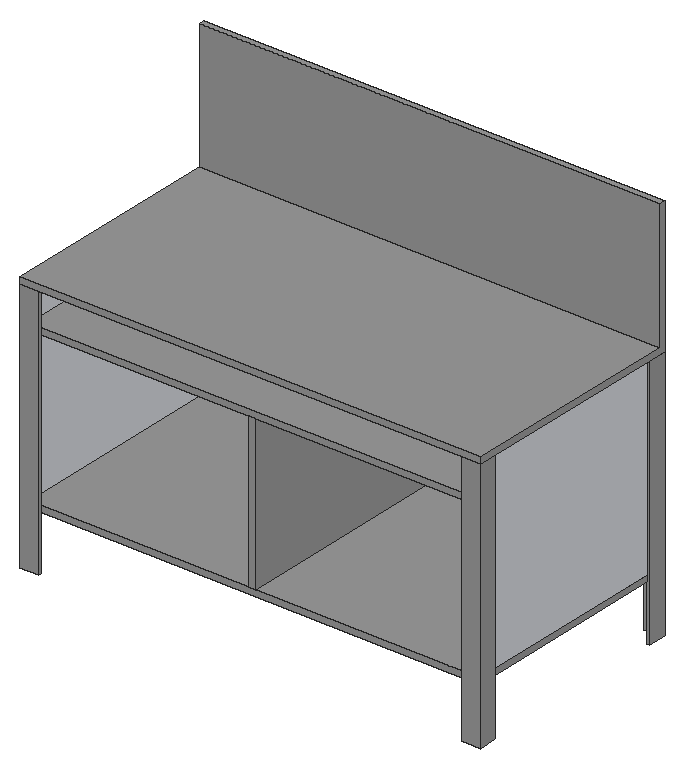
Revit family "Верстак", category Оборудование, Revit 2017
Family settings
  Размер круглого соединителя = Использовать радиус
  Тип детали = Вставляется
  На основе рабочей плоскости = Нет
  Всегда вертикально = Да
  При загрузке вырезать с полостями = Нет
  Общий = Нет
  Точка расчета площади = Нет
Parameters (values of type "Тип1")
  Ширина = 1500.0 mm
  Примечание ЭМ [instance] = ""
  Примечание АР [instance] = ""
  Примечание = ""
  Позиция = ""
  Обозначение = "ВСО-01"
  Наименование = "Верстак слесарный однотумбовый"
  Материал основной = Сталь, нержавеющая, полированная
  Материал доп. = none
  Масса = "97,6"
  Код оборудования = ""
  Keynote = ""
  Задание [instance] = ""
  Завод = ""
  Единицы = "шт."
  Глубина = 750.0 mm
  Высота ножек = Высота - 20.0 mm  # 830.0 mm
  Высота = 850.0 mm
Reference planes
  plane 1 "По центру (Вперед/Назад)": y = 0
  plane 2: z = 0
  plane 3 "По центру (Влево/Вправо)": x = 0
  plane 4: x = -750
  plane 5: x = 750
  plane 6: y = 375
  plane 7: y = -375
  plane 8: z = 850
  plane 9: z = 830
  plane 10: z = 200
  plane 11: z = 180
  plane 12: y = 355
  plane 13: x = -730
  plane 14: x = 730
  plane 15: z = 720
  plane 16: z = 700
  plane 17: x = 10
  plane 18: x = -10
  plane 19: z = 1270
Forms (mm)
  Extrusion 1, solid, material "Сталь, нержавеющая, полированная" <- "Материал основной"
    sketch origin (0, 0, 0) x (1, 0, 0) y (0, 1, 0)
      loop
        line (-750, 375) -> (-750, -375) -> (750, -375) -> (750, 375) -> (-750, 375)
    from 830 to 850
  Extrusion 2, solid, material "Сталь, нержавеющая, полированная" <- "Материал основной"
    sketch origin (0, 0, 0) x (1, 0, 0) y (0, 1, 0)
      loop
        line (-742, 367) -> (-742, -367) -> (742, -367) -> (742, 367) -> (-742, 367)
    from 180 to 200
  Extrusion 3, solid, material "Сталь, нержавеющая, полированная" <- "Материал основной"
    sketch origin (0, 0, 0) x (1, 0, 0) y (0, 1, 0)
      loop
        line (-742, 367) -> (-742, 355) -> (742, 355) -> (742, 367) -> (-742, 367)
    from 200 to 830
  Extrusion 4, solid
    sketch origin (0, 0, 0) x (1, 0, 0) y (0, 1, 0)
      loop
        line (-742, 355) -> (-742, -367) -> (-730, -367) -> (-730, 355) -> (-742, 355)
      loop
        line (730, 355) -> (730, -367) -> (742, -367) -> (742, 355) -> (730, 355)
    from 200 to 830
  Extrusion 5, solid, material "Сталь, нержавеющая, полированная" <- "Материал основной"
    sketch origin (0, 0, 0) x (1, 0, 0) y (0, 1, 0)
      loop
        line (-730, 355) -> (-730, -367) -> (730, -367) -> (730, 355) -> (-730, 355)
    from 700 to 720
  Extrusion 6, solid, material "Сталь, нержавеющая, полированная" <- "Материал основной"
    sketch origin (0, 0, 0) x (1, 0, 0) y (0, 0, 1)
      loop
        line (-10, 700) -> (-10, 200) -> (10, 200) -> (10, 700) -> (-10, 700)
    from -355 to 367
  Extrusion 7, solid, material "Сталь, нержавеющая, полированная" <- "Материал основной"
    sketch origin (0, 0, 0) x (1, 0, 0) y (0, 1, 0)
      loop
        line (-750, 375) -> (-750, 355) -> (750, 355) -> (750, 375) -> (-750, 375)
    from 850 to 1270
Cuts and joins
  joined: Extrusion 1, Extrusion 7
Dimensions and locks
  equal spacing: plane 4, plane 3 "По центру (Влево/Вправо)", plane 5
  equal spacing: plane 6, plane 1 "По центру (Вперед/Назад)", plane 7
  "Глубина": plane 6 to plane 7
  "Ширина": plane 4 to plane 5
  "Высота": plane 8 to plane 2
  locked: plane 8 to plane 9 at 20
  locked: plane 10 to plane 11 at 20
  locked: plane 10 to level at 200
  locked: plane 6 to plane 12 at 20
  locked: plane 4 to plane 13 at 20
  locked: plane 14 to plane 5 at 20
  locked: plane 15 to plane 16 at 20
  locked: plane 15 to level at 720
  locked: plane 19 to plane 8 at 420
  aligned and locked: level to plane 2
  aligned and locked: Extrusion 1 sketch curve to plane 6
  aligned and locked: plane 4 to Extrusion 1 sketch curve
  aligned and locked: plane 7 to Extrusion 1 sketch curve
  aligned and locked: Extrusion 1 sketch curve to plane 5
  aligned and locked: plane 8 to Extrusion 1
  aligned and locked: Extrusion 1 to plane 9
  aligned and locked: plane 4 to nested 1
  aligned and locked: nested 1 to plane 7
  aligned and locked: nested 2 to plane 6
  aligned and locked: nested 2 to plane 4
  aligned and locked: plane 6 to nested 3
  aligned and locked: nested 3 to plane 5
  aligned and locked: plane 7 to nested 4
  aligned and locked: plane 5 to nested 4
  aligned and locked: Extrusion 2 sketch curve to nested 2  (x2)
  aligned and locked: Extrusion 2 sketch curve to nested 4  (x2)
  aligned and locked: Extrusion 2 to plane 11
  aligned and locked: plane 10 to Extrusion 2
  aligned and locked: Extrusion 3 sketch curve to Extrusion 2  (x3)
  aligned and locked: plane 12 to Extrusion 3 sketch curve
  aligned and locked: Extrusion 3 to plane 10
  aligned and locked: plane 9 to Extrusion 3
  aligned and locked: Extrusion 4 sketch curve to Extrusion 3  (x2)
  aligned and locked: Extrusion 4 sketch curve to Extrusion 2  (x3)
  aligned and locked: Extrusion 4 sketch curve to plane 13
  aligned and locked: plane 14 to Extrusion 4 sketch curve
  aligned and locked: plane 9 to Extrusion 4
  aligned and locked: Extrusion 4 to plane 10
  aligned and locked: Extrusion 5 sketch curve to Extrusion 4  (x4)
  aligned and locked: plane 15 to Extrusion 5
  aligned and locked: Extrusion 5 to plane 16
  aligned and locked: Extrusion 6 sketch curve to plane 16
  aligned and locked: plane 18 to Extrusion 6 sketch curve
  aligned and locked: plane 10 to Extrusion 6 sketch curve
  aligned and locked: Extrusion 6 sketch curve to plane 17
  aligned and locked: plane 12 to Extrusion 6
  aligned and locked: Extrusion 2 to Extrusion 6
  aligned and locked: Extrusion 7 sketch curve to Extrusion 1  (x2)
  aligned and locked: plane 12 to Extrusion 7 sketch curve
  aligned and locked: Extrusion 7 sketch curve to plane 5
  aligned and locked: Extrusion 7 to plane 8
  aligned and locked: plane 19 to Extrusion 7
Automatic sketch dimensions
  Extrusion 4 sketch curve to plane 12 = 0.0 mm
Nested families
  nested 1: "Семейство6" at (-750, -375, 0), Высота ножки <- "Высота ножек", type "Семейство6"
    with Материал Сталь, нержавеющая, полированная, Высота ножки 830.0 mm
  nested 2: "Семейство6" at (-750, 375, 0), Высота ножки <- "Высота ножек", type "Семейство6"
    with Материал Сталь, нержавеющая, полированная, Высота ножки 830.0 mm
  nested 3: "Семейство6" at (750, 375, 0) x (-1, 0, 0) z (0, 0, 1), Высота ножки <- "Высота ножек", type "Семейство6"
    with Материал Сталь, нержавеющая, полированная, Высота ножки 830.0 mm
  nested 4: "Семейство6" at (750, -375, 0) x (-1, 0, 0) z (0, 0, 1), Высота ножки <- "Высота ножек", type "Семейство6"
    with Материал Сталь, нержавеющая, полированная, Высота ножки 830.0 mm
Definition of nested family "Семейство6"
  Parameters (values of type "Семейство6")
    Материал [instance] = none
    Высота ножки [instance] = 1900.0 mm
  Reference planes
    plane 1 "По центру (Вперед/Назад)": y = 0
    plane 2: z = 0
    plane 3 "По центру (Влево/Вправо)": x = 0
    plane 4: z = 1900
  Forms (mm)
    Extrusion 1, solid, material <- "Материал"
      sketch origin (452.246, -498.925, 0) x (1, 0, 0) y (0, 1, 0)
        loop
          line (-452.246, 558.925) -> (-452.246, 498.925) -> (-392.246, 498.925) -> (-392.246, 506.925) -> (-444.246, 506.925) -> (-444.246, 558.925) -> (-452.246, 558.925)
      from 0 to 1900
  Dimensions and locks
    "Высота ножки": plane 4 to level
    Extrusion 1 to Extrusion 1 = 60.0 mm  (x2)
    aligned and locked: level to plane 2
    aligned and locked: plane 4 to Extrusion 1
    aligned and locked: Extrusion 1 to level
  Automatic sketch dimensions
    plane 3 "По центру (Влево/Вправо)" to Extrusion 1 sketch curve = 0.0 mm
    Extrusion 1 sketch curve to Extrusion 1 sketch curve = 8.0 mm  (x2)
    Extrusion 1 sketch curve to plane 1 "По центру (Вперед/Назад)" = 0.0 mm
    Extrusion 1 sketch curve to Extrusion 1 sketch curve = 52.0 mm
    Extrusion 1 sketch curve to Extrusion 1 sketch curve = 60.0 mm
